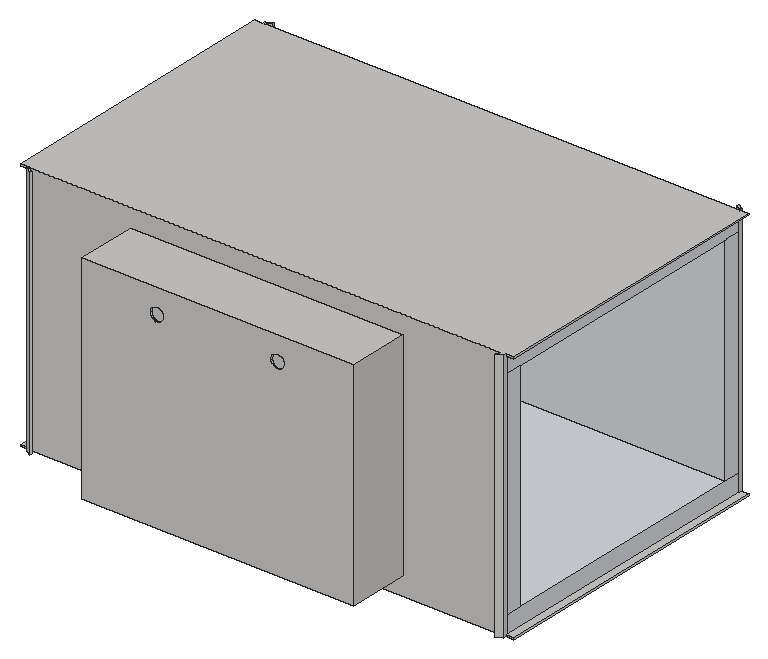
Revit family
Parameters (values of type "Inlet Size 300")
  d = 16.0 mm
  URL = "http://www.productspec.net/products/29690/holyoake-industries/control-volume-assemblies-hcv.aspx"
  Type Comments = "Variable Air Volume Electric Heater"  # constant formula
  Model = "VAV - Electric Heater"  # constant formula
  Min Flow = 0.0 L/s
  Max kW Rating [instance] = "9.0"
  Max Flow = 0.0 L/s
  Manufacturer = "Holyoake Industries Ltd"  # constant formula
  Heat Screen Liner [instance] = none
  Fins = Stainless Steel - Holyoake
  Engineering Data [instance] = "http://www.productspec.net/nas/TechnicalFiles/2367/p29690/G16%20HCV%20Electric.pdf"
  Description = "An HCV terminal can consist of a basic unit alone or with any combination of accessories."  # constant formula
  Created By = "Productspec Ltd"  # constant formula
  Electric Heater = Galvanised Steel - Holyoake
  C Notes = "150mm for solid state controls"  # constant formula
  C = 90.0 mm
  B = 369.0 mm
  Author = "Zinder Zhao"  # constant formula
  A = 428.0 mm
  Assembly Code = ""
  Air Flow [instance] = 0.0 L/s
Types (8, lengths in mm): name | d | Max kW Rating | B | A
  (no name) | 16.0 | "9.0" | 369.0 | 428.0
  Inlet Sizes 100, 125 & 150 | 10.0 | "2.5" | 223.0 | 286.0
  Inlet Size 300 | 16.0 | "9.0" | 369.0 | 428.0
  Inlet Size 250 | 14.0 | "6.0" | 296.0 | 428.0
  Inlet Sizes 175, 200 & 225 | 12.0 | "3.75" | 296.0 | 286.0
  Inlet Size 350 | 17.0 | "12.0" | 398.0 | 512.0
  Inlet Size 400 | 19.0 | "15.0" | 442.0 | 636.0
  Inlet Size 600*400 | 21.0 | "15.0" | 442.0 | 965.0
Reference planes
  plane 1 "Center (Front/Back)": y = 0
  plane 2 "Bottom": z = 0
  plane 3 "Center (Left/Right)": x = 0
  plane 4 "Back": y = 214
  plane 5 "Front": y = -214
  plane 6 "Right": x = 348
  plane 7 "Left": x = -348
  plane 8 "Top": z = 369
  plane 9: z = 184.5
  plane 10: z = 27
  plane 11: x = -198
  plane 12: x = 198
  plane 13: x = 88
  plane 14: x = 29.333
  plane 15: x = -29.333
  plane 16: x = -88
  plane 17: z = 342
  plane 18 "Heater Terminal": y = -304
Forms (mm)
  Extrusion 1, solid, material "Galvanised Steel - Holyoake" <- "Electric Heater"
    sketch origin (-348, 0, 0) x (0, 1, 0) y (0, 0, 1)
      loop
        line (214, 369) -> (-214, 369) -> (-214, 0) -> (214, 0) -> (214, 369)
      loop
        line (212, 367) -> (-212, 367) -> (-212, 2) -> (212, 2) -> (212, 367)
    from 0 to 696
  Extrusion 2, solid, material "Galvanised Steel - Holyoake" <- "Electric Heater"
    sketch origin (348, 0, 0) x (0, 1, 0) y (0, 0, 1)
      loop
        line (214, 369) -> (-214, 369) -> (-214, 367) -> (214, 367) -> (214, 369)
      loop
        line (214, 0) -> (214, 2) -> (-214, 2) -> (-214, 0) -> (214, 0)
    from 0 to 12
  Extrusion 3, solid, material "Galvanised Steel - Holyoake" <- "Electric Heater"
    sketch origin (0, 0, 0) x (1, 0, 0) y (0, 1, 0)
      loop
        line (348, -214) -> (346, -214) -> (346, -215.923) -> (338.34, -220.345) -> (339.34, -222.077) -> (348, -217.077) -> (348, -214)
      loop
        line (348, 214) -> (348, 217.077) -> (339.34, 222.077) -> (338.34, 220.345) -> (346, 215.923) -> (346, 214) -> (348, 214)
    from 0 to 369 <- "B"
  Extrusion 4, solid, material <- "Heat Screen Liner", detail levels medium+fine
    sketch origin (348, 0, 0) x (0, 1, 0) y (0, 0, 1)
      loop
        line (-212, 2) -> (212, 2) -> (212, 27) -> (-212, 27) -> (-212, 2)
      loop
        line (-212, 367) -> (-212, 342) -> (212, 342) -> (212, 367) -> (-212, 367)
    from 0 to -696
  Extrusion 5, solid, material <- "Heat Screen Liner", detail levels medium+fine
    sketch origin (348, 0, 0) x (0, 1, 0) y (0, 0, 1)
      loop
        line (-212, 342) -> (-212, 27) -> (-187, 27) -> (-187, 342) -> (-212, 342)
      loop
        line (212, 342) -> (187, 342) -> (187, 27) -> (212, 27) -> (212, 342)
    from 0 to -696
  Extrusion 6, solid, material "Galvanised Steel - Holyoake" <- "Electric Heater"
    sketch origin (-348, 0, 0) x (0, 1, 0) y (0, 0, 1)
      loop
        line (214, 369) -> (-214, 369) -> (-214, 367) -> (214, 367) -> (214, 369)
      loop
        line (214, 0) -> (214, 2) -> (-214, 2) -> (-214, 0) -> (214, 0)
    from 0 to -12
  Extrusion 7, solid, material "Galvanised Steel - Holyoake" <- "Electric Heater"
    sketch origin (0, 0, 0) x (-1, 0, 0) y (0, -1, 0)
      loop
        line (348, 214) -> (348, 217.077) -> (339.34, 222.077) -> (338.34, 220.345) -> (346, 215.923) -> (346, 214) -> (348, 214)
      loop
        line (348, -214) -> (346, -214) -> (346, -215.923) -> (338.34, -220.345) -> (339.34, -222.077) -> (348, -217.077) -> (348, -214)
    from 0 to 369 <- "B"
  Extrusion 8, solid, material "Galvanised Steel - Holyoake" <- "Electric Heater"
    sketch origin (0, -214, 0) x (1, 0, 0) y (0, 0, 1)
      loop
        line (-198, 342) -> (-198, 27) -> (198, 27) -> (198, 342) -> (-198, 342)
    from 0 to 90
  Sweep 9, solid, material "Stainless Steel - Holyoake" <- "Fins", detail levels fine
    path origin (-137, 0, 29.828) x (0, 1, 0) y (0.5, 0, 0.866025)
      loop
        line (-187, 174.514) -> (57.667, 174.514)
        arc (57.667, 174.514) -> (82.667, 149.514) -> (57.667, 124.514) r 25
        line (57.667, 124.514) -> (-52.667, 124.514)
        arc (-52.667, 124.514) -> (-77.667, 99.514) -> (-52.667, 74.514) r 25
        line (-52.667, 74.514) -> (57.667, 74.514)
        arc (57.667, 74.514) -> (82.667, 49.514) -> (57.667, 24.514) r 25
        line (57.667, 24.514) -> (-187, 24.514)
    profile origin (-49.743, -64.667, 180.962) x (0.5, 0, 0.866025) y (0.866025, 0, -0.5)
      loop
        circle (0, 0) r 16
  Sweep 10, solid, material "Stainless Steel - Holyoake" <- "Fins", detail levels fine
    path origin (39, 0, 29.828) x (0, 1, 0) y (0.5, 0, 0.866025)
      loop
        line (-187, 174.514) -> (57.667, 174.514)
        arc (57.667, 174.514) -> (82.667, 149.514) -> (57.667, 124.514) r 25
        line (57.667, 124.514) -> (-52.667, 124.514)
        arc (-52.667, 124.514) -> (-77.667, 99.514) -> (-52.667, 74.514) r 25
        line (-52.667, 74.514) -> (57.667, 74.514)
        arc (57.667, 74.514) -> (82.667, 49.514) -> (57.667, 24.514) r 25
        line (57.667, 24.514) -> (-187, 24.514)
    profile origin (126.257, -64.667, 180.962) x (0.5, 0, 0.866025) y (0.866025, 0, -0.5)
      loop
        circle (0, 0) r 16
  Extrusion 11, solid, material "Galvanised Steel - Holyoake" <- "Electric Heater", detail levels coarse
    sketch origin (348, 0, 0) x (0, 1, 0) y (0, 0, 1)
      loop
        line (-214, 369) -> (-214, 0) -> (214, 0) -> (214, 369) -> (-214, 369)
    from 0 to -2
  Extrusion 12, solid, material "Galvanised Steel - Holyoake" <- "Electric Heater", detail levels coarse
    sketch origin (-348, 0, 0) x (0, 1, 0) y (0, 0, 1)
      loop
        line (214, 369) -> (-214, 369) -> (-214, 0) -> (214, 0) -> (214, 369)
    from 0 to 2
  Extrusion 13, void
    sketch origin (0, -304, 0) x (-1, 0, 0) y (0, 0, 1)
      loop
        circle (88, 307.154) r 10
      loop
        circle (-88, 307.154) r 10
    from 0 to 2
Cuts and joins
  joined: Extrusion 1, Extrusion 2, Extrusion 3, Extrusion 6, Extrusion 7
  Extrusion 13 cuts Extrusion 8
Dimensions and locks
  equal spacing: plane 8 "Top", plane 9, plane 2 "Bottom"
  "B": plane 8 "Top" to plane 2 "Bottom"
  "A": plane 4 "Back" to plane 5 "Front"
  locked: plane 7 "Left" to plane 6 "Right" at 696
  equal spacing: plane 4 "Back", plane 1 "Center (Front/Back)", plane 5 "Front"
  locked: plane 11 to plane 7 "Left" at 150
  locked: plane 6 "Right" to plane 12 at 150
  equal spacing: plane 7 "Left", plane 3 "Center (Left/Right)", plane 6 "Right"
  plane 7 "Left" to plane 16 = 260.0 mm
  plane 13 to plane 6 "Right" = 260.0 mm
  equal spacing: plane 16, plane 15, plane 14, plane 13
  locked: plane 10 to plane 2 "Bottom" at 27
  equal spacing: Sweep 9 sketch curve, Sweep 9 sketch curve, Sweep 9 sketch curve, Sweep 9 sketch curve
  locked: plane 8 "Top" to plane 17 at 27
  equal spacing: Sweep 10 sketch curve, Sweep 10 sketch curve, Sweep 10 sketch curve, Sweep 10 sketch curve
  "C": plane 5 "Front" to plane 18 "Heater Terminal"
  "d": radius of Sweep 9 sketch curve
  "d": radius of Sweep 10 sketch curve
  aligned and locked: plane 4 "Back" to Extrusion 1 sketch curve
  aligned and locked: plane 8 "Top" to Extrusion 1 sketch curve
  aligned and locked: level to Extrusion 1 sketch curve
  aligned and locked: plane 5 "Front" to Extrusion 1 sketch curve
  aligned and locked: plane 6 "Right" to Extrusion 1
  aligned and locked: Extrusion 2 sketch curve to plane 8 "Top"
  aligned and locked: plane 4 "Back" to Extrusion 2 sketch curve
  aligned and locked: Extrusion 2 sketch curve to plane 5 "Front"  (x2)
  aligned and locked: Extrusion 1 to Extrusion 2 sketch curve
  aligned and locked: Extrusion 2 sketch curve to Extrusion 1
  aligned and locked: plane 5 "Front" to Extrusion 3 sketch curve
  aligned and locked: Extrusion 3 sketch curve to plane 6 "Right"
  aligned and locked: plane 6 "Right" to Extrusion 3 sketch curve
  aligned and locked: plane 4 "Back" to Extrusion 3 sketch curve
  aligned and locked: Extrusion 4 to plane 7 "Left"
  aligned and locked: Extrusion 5 to plane 7 "Left"
  aligned and locked: plane 7 "Left" to Extrusion 6
  aligned and locked: Extrusion 7 to plane 7 "Left"  (x2)
  aligned and locked: Extrusion 8 sketch curve to plane 10
  aligned and locked: Extrusion 8 sketch curve to plane 11
  aligned and locked: plane 12 to Extrusion 8 sketch curve
  aligned and locked: Extrusion 1 sketch curve to Extrusion 4
  aligned and locked: Extrusion 5 sketch curve to Extrusion 4  (x2)
  aligned and locked: cut or joined group of Extrusion 1, Extrusion 2, Extrusion 3, Extrusion 6, Extrusion 7 to Extrusion 5 sketch curve
  aligned and locked: plane 17 to Extrusion 8 sketch curve
  aligned and locked: Extrusion 11 sketch curve to cut or joined group of Extrusion 1, Extrusion 2, Extrusion 3, Extrusion 6, Extrusion 7  (x2)
  aligned and locked: plane 4 "Back" to Extrusion 11 sketch curve
  aligned and locked: Extrusion 12 sketch curve to cut or joined group of Extrusion 1, Extrusion 2, Extrusion 3, Extrusion 6, Extrusion 7
  aligned and locked: cut or joined group of Extrusion 1, Extrusion 2, Extrusion 3, Extrusion 6, Extrusion 7 to Extrusion 12 sketch curve
  aligned and locked: plane 5 "Front" to Extrusion 12 sketch curve
  aligned and locked: plane 2 "Bottom" to Extrusion 12 sketch curve
  aligned and locked: plane 2 "Bottom" to Extrusion 11 sketch curve
Automatic sketch dimensions
  Extrusion 1 sketch curve to plane 5 "Front" = 2.0 mm
  plane 4 "Back" to Extrusion 1 sketch curve = 2.0 mm
  level to Extrusion 1 sketch curve = 2.0 mm
  level to Extrusion 2 sketch curve = 2.0 mm
  Extrusion 2 sketch curve to plane 8 "Top" = 2.0 mm
  Extrusion 3 sketch curve to Extrusion 3 sketch curve = 2.0 mm
  Extrusion 3 sketch curve to plane 6 "Right" = 2.0 mm
  Extrusion 3 sketch curve to plane 6 "Right" = 8.66 mm  (x2)
  plane 5 "Front" to Extrusion 3 sketch curve = 6.345 mm
  Extrusion 3 sketch curve to Extrusion 3 sketch curve = 1.0 mm  (x2)
  Extrusion 3 sketch curve to plane 4 "Back" = 6.345 mm
  Extrusion 3 sketch curve to Extrusion 3 sketch curve = 1.732 mm
  Extrusion 3 sketch curve to plane 4 "Back" = 1.923 mm
  Extrusion 4 sketch curve to plane 10 = 0.0 mm
  Extrusion 4 sketch curve to plane 5 "Front" = 2.0 mm  (x2)
  plane 4 "Back" to Extrusion 4 sketch curve = 2.0 mm  (x2)
  level to Extrusion 4 sketch curve = 2.0 mm
  Extrusion 4 sketch curve to plane 8 "Top" = 27.0 mm
  Extrusion 4 sketch curve to plane 8 "Top" = 2.0 mm
  Extrusion 5 sketch curve to plane 10 = 0.0 mm  (x2)
  Extrusion 5 sketch curve to Extrusion 5 sketch curve = 25.0 mm
  plane 4 "Back" to Extrusion 5 sketch curve = 27.0 mm
  plane 4 "Back" to Extrusion 5 sketch curve = 2.0 mm
  Extrusion 6 sketch curve to plane 5 "Front" = 0.0 mm  (x2)
  Extrusion 6 sketch curve to plane 4 "Back" = 0.0 mm  (x2)
  Extrusion 6 sketch curve to level = 0.0 mm
  Extrusion 6 sketch curve to plane 8 "Top" = 0.0 mm
  level to Extrusion 6 sketch curve = 2.0 mm
  Extrusion 6 sketch curve to plane 8 "Top" = 2.0 mm
  Extrusion 7 sketch curve to plane 5 "Front" = 0.0 mm
  Extrusion 7 sketch curve to plane 4 "Back" = 0.0 mm
  Extrusion 7 sketch curve to plane 7 "Left" = 0.0 mm  (x2)
  Extrusion 7 sketch curve to plane 7 "Left" = 2.0 mm  (x2)
  Extrusion 7 sketch curve to plane 7 "Left" = 8.66 mm  (x2)
  Extrusion 7 sketch curve to plane 5 "Front" = 6.345 mm
  Extrusion 7 sketch curve to Extrusion 7 sketch curve = 1.0 mm  (x2)
  plane 4 "Back" to Extrusion 7 sketch curve = 6.345 mm
  Extrusion 7 sketch curve to Extrusion 7 sketch curve = 1.732 mm
  Extrusion 7 sketch curve to Extrusion 7 sketch curve = 1.923 mm
  Sweep 9 sketch curve to plane 5 "Front" = 27.0 mm  (x2)
  plane 1 "Center (Front/Back)" to Sweep 9 sketch curve = 52.667 mm
  Sweep 9 sketch curve to plane 1 "Center (Front/Back)" = 57.667 mm  (x2)
  Sweep 9 sketch curve to Sweep 9 sketch curve = 25.0 mm
  Sweep 9 sketch curve to profile plane = 0.0 mm  (x2)
  Sweep 10 sketch curve to plane 5 "Front" = 27.0 mm  (x2)
  plane 1 "Center (Front/Back)" to Sweep 10 sketch curve = 52.667 mm
  Sweep 10 sketch curve to plane 1 "Center (Front/Back)" = 57.667 mm  (x2)
  Sweep 10 sketch curve to Sweep 10 sketch curve = 25.0 mm
  Sweep 10 sketch curve to profile plane = 0.0 mm  (x2)
  Extrusion 13 sketch curve to plane 13 = 0.0 mm
  Extrusion 13 sketch curve to plane 16 = 0.0 mm
  Extrusion 13 sketch curve to plane 17 = 34.846 mm  (x2)
  radius of Extrusion 13 sketch curve = 10.0 mm  (x2)
Connectors
  hvac at (-346, 0, 184.5), driven by "B", driven by "A", driven by "Air Flow"
    settings: on Extrusion 12, index 1
  hvac at (346, 0, 184.5), driven by "B", driven by "A", driven by "Air Flow"
    settings: on Extrusion 11, index 2
